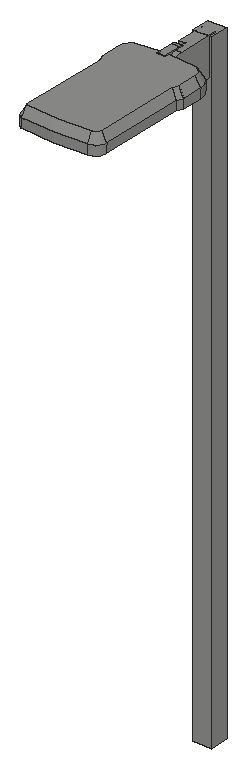
Revit family "VP-3-AAU", category Lighting Fixtures, host Face, Revit 2019
Family settings
  Host = Face
  Round Connector Dimension = Use Diameter
  Part Type = Normal
  OmniClass Number = 23.80.70.11.14.17
  OmniClass Title = Direct/Indirect
  Cut with Voids When Loaded = No
  Light Source = No
  Shared = Yes
  Room Calculation Point = No
Parameters (values of type "VP-3-AAU")
  Wattage Comments = "423W"
  Warranty = "Five year warranty"  # constant formula
  Voltage = 120 V
  URL = "https://www.currentlighting.com/beacon"
  Type Comments = "Lighting Fixture"  # constant formula
  Product Page URL = "https://www.currentlighting.com/outdoor-lighting/viper-area-size-3/9606405"
  Product Documentation Link = "https://cdn.currentlighting.com/site/specsheet/BEA_VIPERSPEC.pdf"
  Power Factor = 0.9
  Pole Height [instance] = 120.00"
  Name = "Viper Area Size 3"  # constant formula
  Model = "VP-3-AAU"
  Matt Grey = MATT GREY
  Matt Black = Matt Black
  Manufacturer = "Current Lighting"  # constant formula
  Load Classification = Lighting
  Light Output = 30846.00 cd/m²
  Lamp = "LED"  # constant formula
  Grey = Grey
  Glass = Glass
  Pole Size [instance] = 3.50"
  Features = "Featuring two different optical technologies, Micro Strike and Strike Optics, which provide the best distribution patterns for retrofit or new construction\r\nVibration rated for high vibration applications including bridges and overpasses\r\nControl options including photo control, occupancy sensing, NX Lighting Controls, wiSCAPE and 7-Pin with networked controls\r\nMounting options include: Arm, Universal Arm, Adjustable Arm, Mast Arm, Decorative Arm, Knuckle, Trunnion, Wall\r\nDistribution options include: Auto Front Row, Type 2, Type 3, Type 4 Forward, Type 4 Wide, Type 5 Narrow, Type 5 Medium, Type 5 Wide, Type 5 Rectangular, Corner Optic, and Tennis Court\r\n\r\n"  # constant formula
  Copyright = "© 2022 Current Lighting"  # constant formula
  Cool Grey = Cool Grey
  Contact Us = "https://www.currentlighting.com/contact-us"
  Certification = "UL"  # constant formula
  Description = "The Viper is an extremely versatile area/site luminaire which blends design, performance, and technology for a variety of applications."  # constant formula
  Default Elevation = 48.00"
  Finish = Arctic White
  Matt White = Matt White
  CRI = "70"  # constant formula
  Brand = "Beacon"  # constant formula
  Assembly Code = "D5020200"
  Apparent Load = 423 VA
Reference planes (in)
  plane 1 "Center (Front/Back)": y = 6.16697
  plane 2: z = 0
  plane 3 "Center (Left/Right)": x = 0
  plane 4: z = 3.75
  plane 5: z = -4.44
  plane 6: x = -1.75
  plane 7: x = 1.75
  plane 8: y = 4.41697
  plane 9: y = 7.91697
  plane 10: z = 120
Forms (in)
  Extrusion 1, solid, material "Cool Grey" <- "Cool Grey"
    sketch origin (0, 0, 0) x (1, 0, 0) y (0, 1, 0)
      loop
        line (-1.75, 7.91697) -> (-1.75, 4.41697) -> (1.75, 4.41697) -> (1.75, 7.91697) -> (-1.75, 7.91697)
    from 0 to 120
Lines and regions (in)
  reference lines
    curve 1: line (0, 14.42606, -3.25) -> (0, 17.42606, -0.25)
    curve 2: line (0, -2.09213, -3.25) -> (0, 14.42606, -3.25)
    curve 3: line (0, -5.09213, -0.25) -> (0, -2.09213, -3.25)
    curve 4: line (0, 14.42606, -3.25) -> (0, 17.42606, -0.25)
    curve 5: line (0, -5.09213, -0.25) -> (0, 17.42606, -0.25)
    curve 6: line (0, 17.17606, -0.77432) -> (0, 17.92606, -0.77432)
    curve 7: line (0, 17.17606, -1.52432) -> (0, 17.17606, -0.77432)
    curve 8: line (0, 16.69614, -1.52432) -> (0, 17.17606, -1.52432)
    curve 9: line (0, 14.92606, -4.25) -> (0, 16.69614, -1.52432)
    curve 10: line (0, -4.3622, -1.52432) -> (0, -2.59213, -4.25)
    curve 11: line (0, -4.84213, -1.52432) -> (0, -4.3622, -1.52432)
    curve 12: line (0, -4.84213, -0.77432) -> (0, -4.84213, -1.52432)
    curve 13: line (0, -5.59213, -0.77432) -> (0, -4.84213, -0.77432)
Dimensions and locks (in)
  plane 4 to plane 2 = 3.75"
  "Pole Size": plane 8 to plane 9
  equal spacing: plane 8, plane 1 "Center (Front/Back)", plane 9
  equal spacing: plane 6, plane 3 "Center (Left/Right)", plane 7
  "Pole Size": plane 6 to plane 7
  "Pole Height": plane 10 to plane 2
  aligned and locked: plane 2 to host face
  aligned and locked: level to host face
  aligned and locked: plane 10 to Extrusion 1
  aligned and locked: plane 3 "Center (Left/Right)" to nested 1
  aligned and locked: plane 9 to Extrusion 1 sketch curve
  aligned and locked: plane 6 to Extrusion 1 sketch curve
  aligned and locked: Extrusion 1 sketch curve to plane 8
  aligned and locked: Extrusion 1 sketch curve to plane 7
Automatic sketch dimensions
  host sketch curve to host sketch curve = 96.00"
  host sketch curve to host sketch curve = 85.00"
  curve 3 to level = 0.25"
  plane 8 to curve 3 = 9.50909"
  curve 3 to curve 12 = 0.25"
  curve 11 to curve 11 = 0.47992"
  curve 2 to plane 5 = 1.19"
  curve 10 to curve 2 = 2.27008"
  curve 1 to plane 9 = 6.50909"
  curve 9 to level = 1.52432"
  curve 1 to curve 9 = 2.27008"
  curve 8 to curve 8 = 0.47992"
  curve 6 to curve 4 = 0.25"
  curve 10 to curve 3 = 1.27432"
  curve 7 to curve 1 = 0.52432"
  curve 12 to curve 3 = 0.52432"
  curve 13 to curve 3 = 0.50"
  curve 10 to plane 5 = 0.19"
  curve 10 to curve 2 = 0.50"
  curve 9 to plane 5 = 0.19"
  curve 1 to curve 9 = 0.50"
  curve 1 to curve 6 = 0.50"
Nested families (in)
  nested 1: "SIZE3-AAU" at (0, 4.41697, 118.26) x (1, 0, 0) z (0, -1, 0), type "SIZE3-AAU"
Connectors (in)
  electrical at (0, 6.16697, 0), driven by "Power Factor", driven by "Apparent Load", driven by "Voltage"
    settings: on Extrusion 1, index 1, voltage 120 V, apparent load 423 VA, apparent load phase1 0 VA, apparent load phase2 0 VA, apparent load phase3 0 VA, power factor 0.9, load classification "Other", number of poles 1, system type 30, power factor state 1, is connector primary yes, connector utility no, sub classification motor no, connector description "Light Fixture"
Definition of nested family "SIZE3-AAU"
  Parameters (values of type "SIZE3-AAU")
    Width = 16.11"
    Wattage = 423.2 W
    built-in parameter 1150110 = 1 (stored number, unit not read)
    built-in parameter 1114217 = 1 (stored number, unit not read)
    Tilt Angle = 160.00°
    built-in parameter 1150109 = 1 (stored number, unit not read)
    built-in parameter 1150134 = 3
    built-in parameter 1150113 = 1 (stored number, unit not read)
    Photometric Web File = "VP-3-480L-425-3K7-4W-BC.ies"
    Mount Length = 7.50"
    built-in parameter 1150105 = 2458.4 (stored number, unit not read)
    Lumens = 30893.6 lm
    built-in parameter 1150115 = 1 (stored number, unit not read)
    built-in parameter 1150137 = (empty or 0)
    built-in parameter 1150139 = (empty or 0)
    Length = 26.97"
    built-in parameter 1150112 = 1 (stored number, unit not read)
    built-in parameter 1150114 = 1 (stored number, unit not read)
    built-in parameter 1150132 = (empty or 0)
    built-in parameter 1150102 = (empty or 0)
    built-in parameter 1150107 = 3200 (stored number, unit not read)
    built-in parameter 1150138 = (empty or 0)
    built-in parameter 1150106 = 24.584 (stored number, unit not read)
    Glass = none
    Fixture = none
    built-in parameter 1150104 = 6.7819 (stored number, unit not read)
    Dimming Lamp Color Temperature Shift = (empty or 0)
    Default Elevation = 48.00"
    Color Filter = 16777215
    built-in parameter 1114218 = 1 (stored number, unit not read)
    built-in parameter 1150133 = 10 (stored number, unit not read)
  Reference planes (in)
    plane 1 "Center (Front/Back)": y = 0
    plane 2: z = 0
    plane 3 "Center (Left/Right)": x = 0
    plane 4: x = 8.055
    plane 5: x = -8.055
    plane 6: z = 7.5
    plane 7: z = 34.47
    plane 8: y = -1.74
    plane 9: y = 1.74
  Forms (in)
    Extrusion 1, solid
      sketch origin (0, 0, 0) x (1, 0, 0) y (0, 1, 0)
        loop
          line (-48, 48) -> (-48, -48) -> (48, -48) -> (48, 48) -> (-48, 48)
      from 0 to -12
    Extrusion 2, solid, material <- "Fixture"
      sketch origin (0, 0, 0) x (1, 0, 0) y (0, 0, 1)
        loop
          line (-7.77472, 15.72202) -> (-8.18, 14.67799) -> (-8.18, 10.64521)
          arc (-8.18, 10.64521) -> (-7.52407, 8.68733) -> (-5.82104, 7.51974) r 3.25
          arc (-5.82104, 7.51974) -> (0, 7.02866) -> (5.82104, 7.51974) r 34.74571
          arc (5.82104, 7.51974) -> (7.52407, 8.68733) -> (8.18, 10.64521) r 3.25
          line (8.18, 10.64521) -> (8.18, 14.67799) -> (7.7425, 15.80502) -> (7.7425, 32.05879)
          arc (7.7425, 32.05879) -> (7.16964, 33.45997) -> (5.77922, 34.05846) r 2
          arc (5.77922, 34.05846) -> (-0.48981, 34.44343) -> (-6.75192, 33.95884) r 45.36519
          arc (-6.75192, 33.95884) -> (-7.48558, 33.52919) -> (-7.77472, 32.72966) r 1.25
          line (-7.77472, 32.72966) -> (-7.77472, 15.72202)
      from 0 to 1.74
    Extrusion 3, void
      sketch origin (0, 0, 0) x (1, 0, 0) y (0, 0, 1)
        loop
          arc (-6.77608, 15.13973) -> (0.07705, 15.56709) -> (6.93, 15.13674) r 54.96889
          line (6.93, 15.13674) -> (6.93, 32.15182) -> (-6.77608, 32.15182) -> (-6.77608, 15.13973)
      from 1 to 1.75
    Extrusion 4, solid, material <- "Glass"
      sketch origin (0, 0, 0) x (1, 0, 0) y (0, 0, 1)
        loop
          arc (-5.55487, 32.15182) -> (-5.80236, 32.04931) -> (-5.90487, 31.80182) r 0.35
          line (-5.90487, 31.80182) -> (-5.90487, 27.00182)
          arc (-5.90487, 27.00182) -> (-5.80236, 26.75434) -> (-5.55487, 26.65182) r 0.35
          line (-5.55487, 26.65182) -> (5.55487, 26.65182)
          arc (5.55487, 26.65182) -> (5.80236, 26.75434) -> (5.90487, 27.00182) r 0.35
          line (5.90487, 27.00182) -> (5.90487, 31.80182)
          arc (5.90487, 31.80182) -> (5.80236, 32.04931) -> (5.55487, 32.15182) r 0.35
          line (5.55487, 32.15182) -> (-5.55487, 32.15182)
      from 1 to 1.35
    Extrusion 5, solid, material <- "Glass"
      sketch origin (0.75, 0, 0.125) x (1, 0, 0) y (0, 0, 1)
        loop
          circle (-5.72329, 31.32694) r 0.15
        loop
          circle (-5.20455, 31.32694) r 0.15
        loop
          circle (-4.6858, 31.32694) r 0.15
        loop
          circle (-4.16705, 31.32694) r 0.15
        loop
          circle (-3.6483, 31.32694) r 0.15
        loop
          circle (-3.12955, 31.32694) r 0.15
        loop
          circle (-2.6108, 31.32694) r 0.15
        loop
          circle (-2.09205, 31.32694) r 0.15
        loop
          circle (-1.57331, 31.32694) r 0.15
        loop
          circle (-5.72329, 30.82694) r 0.15
        loop
          circle (-5.20455, 30.82694) r 0.15
        loop
          circle (-4.6858, 30.82694) r 0.15
        loop
          circle (-4.16705, 30.82694) r 0.15
        loop
          circle (-3.6483, 30.82694) r 0.15
        loop
          circle (-3.12955, 30.82694) r 0.15
        loop
          circle (-2.6108, 30.82694) r 0.15
        loop
          circle (-2.09205, 30.82694) r 0.15
        loop
          circle (-1.57331, 30.82694) r 0.15
        loop
          circle (-5.72329, 30.32694) r 0.15
        loop
          circle (-5.20455, 30.32694) r 0.15
        loop
          circle (-4.6858, 30.32694) r 0.15
        loop
          circle (-4.16705, 30.32694) r 0.15
        loop
          circle (-3.6483, 30.32694) r 0.15
        loop
          circle (-3.12955, 30.32694) r 0.15
        loop
          circle (-2.6108, 30.32694) r 0.15
        loop
          circle (-2.09205, 30.32694) r 0.15
        loop
          circle (-1.57331, 30.32694) r 0.15
        loop
          circle (-5.72329, 29.82694) r 0.15
        loop
          circle (-5.20455, 29.82694) r 0.15
        loop
          circle (-4.6858, 29.82694) r 0.15
        loop
          circle (-4.16705, 29.82694) r 0.15
        loop
          circle (-3.6483, 29.82694) r 0.15
        loop
          circle (-3.12955, 29.82694) r 0.15
        loop
          circle (-2.6108, 29.82694) r 0.15
        loop
          circle (-2.09205, 29.82694) r 0.15
        loop
          circle (-1.57331, 29.82694) r 0.15
        loop
          circle (-5.72329, 29.32694) r 0.15
        loop
          circle (-5.20455, 29.32694) r 0.15
        loop
          circle (-4.6858, 29.32694) r 0.15
        loop
          circle (-4.16705, 29.32694) r 0.15
        loop
          circle (-3.6483, 29.32694) r 0.15
        loop
          circle (-3.12955, 29.32694) r 0.15
        loop
          circle (-2.6108, 29.32694) r 0.15
        loop
          circle (-2.09205, 29.32694) r 0.15
        loop
          circle (-1.57331, 29.32694) r 0.15
        loop
          circle (-5.72329, 28.82694) r 0.15
        loop
          circle (-5.20455, 28.82694) r 0.15
        loop
          circle (-4.6858, 28.82694) r 0.15
        loop
          circle (-4.16705, 28.82694) r 0.15
        loop
          circle (-3.6483, 28.82694) r 0.15
        loop
          circle (-3.12955, 28.82694) r 0.15
        loop
          circle (-2.6108, 28.82694) r 0.15
        loop
          circle (-2.09205, 28.82694) r 0.15
        loop
          circle (-1.57331, 28.82694) r 0.15
        loop
          circle (-5.72329, 28.32694) r 0.15
        loop
          circle (-5.20455, 28.32694) r 0.15
        loop
          circle (-4.6858, 28.32694) r 0.15
        loop
          circle (-4.16705, 28.32694) r 0.15
        loop
          circle (-3.6483, 28.32694) r 0.15
        loop
          circle (-3.12955, 28.32694) r 0.15
        loop
          circle (-2.6108, 28.32694) r 0.15
        loop
          circle (-2.09205, 28.32694) r 0.15
        loop
          circle (-1.57331, 28.32694) r 0.15
        loop
          circle (-5.72329, 27.82694) r 0.15
        loop
          circle (-5.20455, 27.82694) r 0.15
        loop
          circle (-4.6858, 27.82694) r 0.15
        loop
          circle (-4.16705, 27.82694) r 0.15
        loop
          circle (-3.6483, 27.82694) r 0.15
        loop
          circle (-3.12955, 27.82694) r 0.15
        loop
          circle (-2.6108, 27.82694) r 0.15
        loop
          circle (-2.09205, 27.82694) r 0.15
        loop
          circle (-1.57331, 27.82694) r 0.15
        loop
          circle (-5.72329, 27.32694) r 0.15
        loop
          circle (-5.20455, 27.32694) r 0.15
        loop
          circle (-4.6858, 27.32694) r 0.15
        loop
          circle (-4.16705, 27.32694) r 0.15
        loop
          circle (-3.6483, 27.32694) r 0.15
        loop
          circle (-3.12955, 27.32694) r 0.15
        loop
          circle (-2.6108, 27.32694) r 0.15
        loop
          circle (-2.09205, 27.32694) r 0.15
        loop
          circle (-1.57331, 27.32694) r 0.15
      from 1.35 to 1.4
    Extrusion 6, solid, material <- "Glass"
      sketch origin (0, 0, 0.125) x (1, 0, 0) y (0, 0, 1)
        loop
          arc (-5.41155, 31.8309) -> (-5.58833, 31.75768) -> (-5.66155, 31.5809) r 0.25
          line (-5.66155, 31.5809) -> (-5.66155, 27.0809)
          arc (-5.66155, 27.0809) -> (-5.58833, 26.90412) -> (-5.41155, 26.8309) r 0.25
          line (-5.41155, 26.8309) -> (-0.54655, 26.8309)
          arc (-0.54655, 26.8309) -> (-0.36977, 26.90412) -> (-0.29655, 27.0809) r 0.25
          line (-0.29655, 27.0809) -> (-0.29655, 31.5809)
          arc (-0.29655, 31.5809) -> (-0.36977, 31.75768) -> (-0.54655, 31.8309) r 0.25
          line (-0.54655, 31.8309) -> (-5.41155, 31.8309)
      from 1.35 to 1.37213
    Extrusion 7, solid, material <- "Fixture"
      sketch origin (0.125, 0, 12.5) x (1, 0, 0) y (0, 1, 0)
        loop
          line (5.93193, -1) -> (5.93193, -1.20146)
          arc (5.93193, -1.20146) -> (5.93867, -1.23973) -> (5.95811, -1.27339) r 0.1119
          line (5.95811, -1.27339) -> (6.31867, -1.70309)
          arc (6.31867, -1.70309) -> (6.34664, -1.72455) -> (6.38107, -1.73219) r 0.08147
          line (6.38107, -1.73219) -> (6.805, -1.73219) -> (6.805, -1) -> (5.93193, -1)
      from 18.55 to 18.65
    Extrusion 8, solid, material <- "Glass"
      sketch origin (-0.75, 0, 0.125) x (-1, 0, 0) y (0, 0, -1)
        loop
          circle (-5.72329, -31.32694) r 0.15
        loop
          circle (-5.20455, -31.32694) r 0.15
        loop
          circle (-4.6858, -31.32694) r 0.15
        loop
          circle (-4.16705, -31.32694) r 0.15
        loop
          circle (-3.6483, -31.32694) r 0.15
        loop
          circle (-3.12955, -31.32694) r 0.15
        loop
          circle (-2.6108, -31.32694) r 0.15
        loop
          circle (-2.09205, -31.32694) r 0.15
        loop
          circle (-1.57331, -31.32694) r 0.15
        loop
          circle (-5.72329, -30.82694) r 0.15
        loop
          circle (-5.20455, -30.82694) r 0.15
        loop
          circle (-4.6858, -30.82694) r 0.15
        loop
          circle (-4.16705, -30.82694) r 0.15
        loop
          circle (-3.6483, -30.82694) r 0.15
        loop
          circle (-3.12955, -30.82694) r 0.15
        loop
          circle (-2.6108, -30.82694) r 0.15
        loop
          circle (-2.09205, -30.82694) r 0.15
        loop
          circle (-1.57331, -30.82694) r 0.15
        loop
          circle (-5.72329, -30.32694) r 0.15
        loop
          circle (-5.20455, -30.32694) r 0.15
        loop
          circle (-4.6858, -30.32694) r 0.15
        loop
          circle (-4.16705, -30.32694) r 0.15
        loop
          circle (-3.6483, -30.32694) r 0.15
        loop
          circle (-3.12955, -30.32694) r 0.15
        loop
          circle (-2.6108, -30.32694) r 0.15
        loop
          circle (-2.09205, -30.32694) r 0.15
        loop
          circle (-1.57331, -30.32694) r 0.15
        loop
          circle (-5.72329, -29.82694) r 0.15
        loop
          circle (-5.20455, -29.82694) r 0.15
        loop
          circle (-4.6858, -29.82694) r 0.15
        loop
          circle (-4.16705, -29.82694) r 0.15
        loop
          circle (-3.6483, -29.82694) r 0.15
        loop
          circle (-3.12955, -29.82694) r 0.15
        loop
          circle (-2.6108, -29.82694) r 0.15
        loop
          circle (-2.09205, -29.82694) r 0.15
        loop
          circle (-1.57331, -29.82694) r 0.15
        loop
          circle (-5.72329, -29.32694) r 0.15
        loop
          circle (-5.20455, -29.32694) r 0.15
        loop
          circle (-4.6858, -29.32694) r 0.15
        loop
          circle (-4.16705, -29.32694) r 0.15
        loop
          circle (-3.6483, -29.32694) r 0.15
        loop
          circle (-3.12955, -29.32694) r 0.15
        loop
          circle (-2.6108, -29.32694) r 0.15
        loop
          circle (-2.09205, -29.32694) r 0.15
        loop
          circle (-1.57331, -29.32694) r 0.15
        loop
          circle (-5.72329, -28.82694) r 0.15
        loop
          circle (-5.20455, -28.82694) r 0.15
        loop
          circle (-4.6858, -28.82694) r 0.15
        loop
          circle (-4.16705, -28.82694) r 0.15
        loop
          circle (-3.6483, -28.82694) r 0.15
        loop
          circle (-3.12955, -28.82694) r 0.15
        loop
          circle (-2.6108, -28.82694) r 0.15
        loop
          circle (-2.09205, -28.82694) r 0.15
        loop
          circle (-1.57331, -28.82694) r 0.15
        loop
          circle (-5.72329, -28.32694) r 0.15
        loop
          circle (-5.20455, -28.32694) r 0.15
        loop
          circle (-4.6858, -28.32694) r 0.15
        loop
          circle (-4.16705, -28.32694) r 0.15
        loop
          circle (-3.6483, -28.32694) r 0.15
        loop
          circle (-3.12955, -28.32694) r 0.15
        loop
          circle (-2.6108, -28.32694) r 0.15
        loop
          circle (-2.09205, -28.32694) r 0.15
        loop
          circle (-1.57331, -28.32694) r 0.15
        loop
          circle (-5.72329, -27.82694) r 0.15
        loop
          circle (-5.20455, -27.82694) r 0.15
        loop
          circle (-4.6858, -27.82694) r 0.15
        loop
          circle (-4.16705, -27.82694) r 0.15
        loop
          circle (-3.6483, -27.82694) r 0.15
        loop
          circle (-3.12955, -27.82694) r 0.15
        loop
          circle (-2.6108, -27.82694) r 0.15
        loop
          circle (-2.09205, -27.82694) r 0.15
        loop
          circle (-1.57331, -27.82694) r 0.15
        loop
          circle (-5.72329, -27.32694) r 0.15
        loop
          circle (-5.20455, -27.32694) r 0.15
        loop
          circle (-4.6858, -27.32694) r 0.15
        loop
          circle (-4.16705, -27.32694) r 0.15
        loop
          circle (-3.6483, -27.32694) r 0.15
        loop
          circle (-3.12955, -27.32694) r 0.15
        loop
          circle (-2.6108, -27.32694) r 0.15
        loop
          circle (-2.09205, -27.32694) r 0.15
        loop
          circle (-1.57331, -27.32694) r 0.15
      from 1.35 to 1.4
    Extrusion 9, solid, material <- "Glass"
      sketch origin (0, 0, 0.125) x (-1, 0, 0) y (0, 0, -1)
        loop
          line (-5.41155, -31.8309) -> (-0.54655, -31.8309)
          arc (-0.54655, -31.8309) -> (-0.36977, -31.75768) -> (-0.29655, -31.5809) r 0.25
          line (-0.29655, -31.5809) -> (-0.29655, -27.0809)
          arc (-0.29655, -27.0809) -> (-0.36977, -26.90412) -> (-0.54655, -26.8309) r 0.25
          line (-0.54655, -26.8309) -> (-5.41155, -26.8309)
          arc (-5.41155, -26.8309) -> (-5.58833, -26.90412) -> (-5.66155, -27.0809) r 0.25
          line (-5.66155, -27.0809) -> (-5.66155, -31.5809)
          arc (-5.66155, -31.5809) -> (-5.58833, -31.75768) -> (-5.41155, -31.8309) r 0.25
      from 1.35 to 1.37213
    Extrusion 10, solid, material <- "Glass"
      sketch origin (0, 0, -5.25) x (1, 0, 0) y (0, 0, 1)
        loop
          arc (-5.55487, 31.90182) -> (-5.80236, 31.79931) -> (-5.90487, 31.55182) r 0.35
          line (-5.90487, 31.55182) -> (-5.90487, 26.75182)
          arc (-5.90487, 26.75182) -> (-5.80236, 26.50434) -> (-5.55487, 26.40182) r 0.35
          line (-5.55487, 26.40182) -> (5.55487, 26.40182)
          arc (5.55487, 26.40182) -> (5.80236, 26.50434) -> (5.90487, 26.75182) r 0.35
          line (5.90487, 26.75182) -> (5.90487, 31.55182)
          arc (5.90487, 31.55182) -> (5.80236, 31.79931) -> (5.55487, 31.90182) r 0.35
          line (5.55487, 31.90182) -> (-5.55487, 31.90182)
      from 1 to 1.35
    Extrusion 11, solid, material <- "Glass"
      sketch origin (0.75, 0, -5.375) x (1, 0, 0) y (0, 0, 1)
        loop
          circle (-5.72329, 31.32694) r 0.15
        loop
          circle (-5.20455, 31.32694) r 0.15
        loop
          circle (-4.6858, 31.32694) r 0.15
        loop
          circle (-4.16705, 31.32694) r 0.15
        loop
          circle (-3.6483, 31.32694) r 0.15
        loop
          circle (-3.12955, 31.32694) r 0.15
        loop
          circle (-2.6108, 31.32694) r 0.15
        loop
          circle (-2.09205, 31.32694) r 0.15
        loop
          circle (-1.57331, 31.32694) r 0.15
        loop
          circle (-5.72329, 30.82694) r 0.15
        loop
          circle (-5.20455, 30.82694) r 0.15
        loop
          circle (-4.6858, 30.82694) r 0.15
        loop
          circle (-4.16705, 30.82694) r 0.15
        loop
          circle (-3.6483, 30.82694) r 0.15
        loop
          circle (-3.12955, 30.82694) r 0.15
        loop
          circle (-2.6108, 30.82694) r 0.15
        loop
          circle (-2.09205, 30.82694) r 0.15
        loop
          circle (-1.57331, 30.82694) r 0.15
        loop
          circle (-5.72329, 30.32694) r 0.15
        loop
          circle (-5.20455, 30.32694) r 0.15
        loop
          circle (-4.6858, 30.32694) r 0.15
        loop
          circle (-4.16705, 30.32694) r 0.15
        loop
          circle (-3.6483, 30.32694) r 0.15
        loop
          circle (-3.12955, 30.32694) r 0.15
        loop
          circle (-2.6108, 30.32694) r 0.15
        loop
          circle (-2.09205, 30.32694) r 0.15
        loop
          circle (-1.57331, 30.32694) r 0.15
        loop
          circle (-5.72329, 29.82694) r 0.15
        loop
          circle (-5.20455, 29.82694) r 0.15
        loop
          circle (-4.6858, 29.82694) r 0.15
        loop
          circle (-4.16705, 29.82694) r 0.15
        loop
          circle (-3.6483, 29.82694) r 0.15
        loop
          circle (-3.12955, 29.82694) r 0.15
        loop
          circle (-2.6108, 29.82694) r 0.15
        loop
          circle (-2.09205, 29.82694) r 0.15
        loop
          circle (-1.57331, 29.82694) r 0.15
        loop
          circle (-5.72329, 29.32694) r 0.15
        loop
          circle (-5.20455, 29.32694) r 0.15
        loop
          circle (-4.6858, 29.32694) r 0.15
        loop
          circle (-4.16705, 29.32694) r 0.15
        loop
          circle (-3.6483, 29.32694) r 0.15
        loop
          circle (-3.12955, 29.32694) r 0.15
        loop
          circle (-2.6108, 29.32694) r 0.15
        loop
          circle (-2.09205, 29.32694) r 0.15
        loop
          circle (-1.57331, 29.32694) r 0.15
        loop
          circle (-5.72329, 28.82694) r 0.15
        loop
          circle (-5.20455, 28.82694) r 0.15
        loop
          circle (-4.6858, 28.82694) r 0.15
        loop
          circle (-4.16705, 28.82694) r 0.15
        loop
          circle (-3.6483, 28.82694) r 0.15
        loop
          circle (-3.12955, 28.82694) r 0.15
        loop
          circle (-2.6108, 28.82694) r 0.15
        loop
          circle (-2.09205, 28.82694) r 0.15
        loop
          circle (-1.57331, 28.82694) r 0.15
        loop
          circle (-5.72329, 28.32694) r 0.15
        loop
          circle (-5.20455, 28.32694) r 0.15
        loop
          circle (-4.6858, 28.32694) r 0.15
        loop
          circle (-4.16705, 28.32694) r 0.15
        loop
          circle (-3.6483, 28.32694) r 0.15
        loop
          circle (-3.12955, 28.32694) r 0.15
        loop
          circle (-2.6108, 28.32694) r 0.15
        loop
          circle (-2.09205, 28.32694) r 0.15
        loop
          circle (-1.57331, 28.32694) r 0.15
        loop
          circle (-5.72329, 27.82694) r 0.15
        loop
          circle (-5.20455, 27.82694) r 0.15
        loop
          circle (-4.6858, 27.82694) r 0.15
        loop
          circle (-4.16705, 27.82694) r 0.15
        loop
          circle (-3.6483, 27.82694) r 0.15
        loop
          circle (-3.12955, 27.82694) r 0.15
        loop
          circle (-2.6108, 27.82694) r 0.15
        loop
          circle (-2.09205, 27.82694) r 0.15
        loop
          circle (-1.57331, 27.82694) r 0.15
        loop
          circle (-5.72329, 27.32694) r 0.15
        loop
          circle (-5.20455, 27.32694) r 0.15
        loop
          circle (-4.6858, 27.32694) r 0.15
        loop
          circle (-4.16705, 27.32694) r 0.15
        loop
          circle (-3.6483, 27.32694) r 0.15
        loop
          circle (-3.12955, 27.32694) r 0.15
        loop
          circle (-2.6108, 27.32694) r 0.15
        loop
          circle (-2.09205, 27.32694) r 0.15
        loop
          circle (-1.57331, 27.32694) r 0.15
      from 1.35 to 1.4
    Extrusion 12, solid, material <- "Glass"
      sketch origin (0, 0, -5.375) x (1, 0, 0) y (0, 0, 1)
        loop
          arc (-5.41155, 31.8309) -> (-5.58833, 31.75768) -> (-5.66155, 31.5809) r 0.25
          line (-5.66155, 31.5809) -> (-5.66155, 27.0809)
          arc (-5.66155, 27.0809) -> (-5.58833, 26.90412) -> (-5.41155, 26.8309) r 0.25
          line (-5.41155, 26.8309) -> (-0.54655, 26.8309)
          arc (-0.54655, 26.8309) -> (-0.36977, 26.90412) -> (-0.29655, 27.0809) r 0.25
          line (-0.29655, 27.0809) -> (-0.29655, 31.5809)
          arc (-0.29655, 31.5809) -> (-0.36977, 31.75768) -> (-0.54655, 31.8309) r 0.25
          line (-0.54655, 31.8309) -> (-5.41155, 31.8309)
      from 1.35 to 1.37213
    Extrusion 13, solid, material <- "Glass"
      sketch origin (-0.75, 0, -5.375) x (-1, 0, 0) y (0, 0, -1)
        loop
          circle (-5.72329, -31.32694) r 0.15
        loop
          circle (-5.20455, -31.32694) r 0.15
        loop
          circle (-4.6858, -31.32694) r 0.15
        loop
          circle (-4.16705, -31.32694) r 0.15
        loop
          circle (-3.6483, -31.32694) r 0.15
        loop
          circle (-3.12955, -31.32694) r 0.15
        loop
          circle (-2.6108, -31.32694) r 0.15
        loop
          circle (-2.09205, -31.32694) r 0.15
        loop
          circle (-1.57331, -31.32694) r 0.15
        loop
          circle (-5.72329, -30.82694) r 0.15
        loop
          circle (-5.20455, -30.82694) r 0.15
        loop
          circle (-4.6858, -30.82694) r 0.15
        loop
          circle (-4.16705, -30.82694) r 0.15
        loop
          circle (-3.6483, -30.82694) r 0.15
        loop
          circle (-3.12955, -30.82694) r 0.15
        loop
          circle (-2.6108, -30.82694) r 0.15
        loop
          circle (-2.09205, -30.82694) r 0.15
        loop
          circle (-1.57331, -30.82694) r 0.15
        loop
          circle (-5.72329, -30.32694) r 0.15
        loop
          circle (-5.20455, -30.32694) r 0.15
        loop
          circle (-4.6858, -30.32694) r 0.15
        loop
          circle (-4.16705, -30.32694) r 0.15
        loop
          circle (-3.6483, -30.32694) r 0.15
        loop
          circle (-3.12955, -30.32694) r 0.15
        loop
          circle (-2.6108, -30.32694) r 0.15
        loop
          circle (-2.09205, -30.32694) r 0.15
        loop
          circle (-1.57331, -30.32694) r 0.15
        loop
          circle (-5.72329, -29.82694) r 0.15
        loop
          circle (-5.20455, -29.82694) r 0.15
        loop
          circle (-4.6858, -29.82694) r 0.15
        loop
          circle (-4.16705, -29.82694) r 0.15
        loop
          circle (-3.6483, -29.82694) r 0.15
        loop
          circle (-3.12955, -29.82694) r 0.15
        loop
          circle (-2.6108, -29.82694) r 0.15
        loop
          circle (-2.09205, -29.82694) r 0.15
        loop
          circle (-1.57331, -29.82694) r 0.15
        loop
          circle (-5.72329, -29.32694) r 0.15
        loop
          circle (-5.20455, -29.32694) r 0.15
        loop
          circle (-4.6858, -29.32694) r 0.15
        loop
          circle (-4.16705, -29.32694) r 0.15
        loop
          circle (-3.6483, -29.32694) r 0.15
        loop
          circle (-3.12955, -29.32694) r 0.15
        loop
          circle (-2.6108, -29.32694) r 0.15
        loop
          circle (-2.09205, -29.32694) r 0.15
        loop
          circle (-1.57331, -29.32694) r 0.15
        loop
          circle (-5.72329, -28.82694) r 0.15
        loop
          circle (-5.20455, -28.82694) r 0.15
        loop
          circle (-4.6858, -28.82694) r 0.15
        loop
          circle (-4.16705, -28.82694) r 0.15
        loop
          circle (-3.6483, -28.82694) r 0.15
        loop
          circle (-3.12955, -28.82694) r 0.15
        loop
          circle (-2.6108, -28.82694) r 0.15
        loop
          circle (-2.09205, -28.82694) r 0.15
        loop
          circle (-1.57331, -28.82694) r 0.15
        loop
          circle (-5.72329, -28.32694) r 0.15
        loop
          circle (-5.20455, -28.32694) r 0.15
        loop
          circle (-4.6858, -28.32694) r 0.15
        loop
          circle (-4.16705, -28.32694) r 0.15
        loop
          circle (-3.6483, -28.32694) r 0.15
        loop
          circle (-3.12955, -28.32694) r 0.15
        loop
          circle (-2.6108, -28.32694) r 0.15
        loop
          circle (-2.09205, -28.32694) r 0.15
        loop
          circle (-1.57331, -28.32694) r 0.15
        loop
          circle (-5.72329, -27.82694) r 0.15
        loop
          circle (-5.20455, -27.82694) r 0.15
        loop
          circle (-4.6858, -27.82694) r 0.15
        loop
          circle (-4.16705, -27.82694) r 0.15
        loop
          circle (-3.6483, -27.82694) r 0.15
        loop
          circle (-3.12955, -27.82694) r 0.15
        loop
          circle (-2.6108, -27.82694) r 0.15
        loop
          circle (-2.09205, -27.82694) r 0.15
        loop
          circle (-1.57331, -27.82694) r 0.15
        loop
          circle (-5.72329, -27.32694) r 0.15
        loop
          circle (-5.20455, -27.32694) r 0.15
        loop
          circle (-4.6858, -27.32694) r 0.15
        loop
          circle (-4.16705, -27.32694) r 0.15
        loop
          circle (-3.6483, -27.32694) r 0.15
        loop
          circle (-3.12955, -27.32694) r 0.15
        loop
          circle (-2.6108, -27.32694) r 0.15
        loop
          circle (-2.09205, -27.32694) r 0.15
        loop
          circle (-1.57331, -27.32694) r 0.15
      from 1.35 to 1.4
    Extrusion 14, solid, material <- "Glass"
      sketch origin (0, 0, -5.375) x (-1, 0, 0) y (0, 0, -1)
        loop
          line (-5.41155, -31.8309) -> (-0.54655, -31.8309)
          arc (-0.54655, -31.8309) -> (-0.36977, -31.75768) -> (-0.29655, -31.5809) r 0.25
          line (-0.29655, -31.5809) -> (-0.29655, -27.0809)
          arc (-0.29655, -27.0809) -> (-0.36977, -26.90412) -> (-0.54655, -26.8309) r 0.25
          line (-0.54655, -26.8309) -> (-5.41155, -26.8309)
          arc (-5.41155, -26.8309) -> (-5.58833, -26.90412) -> (-5.66155, -27.0809) r 0.25
          line (-5.66155, -27.0809) -> (-5.66155, -31.5809)
          arc (-5.66155, -31.5809) -> (-5.58833, -31.75768) -> (-5.41155, -31.8309) r 0.25
      from 1.35 to 1.37213
    Extrusion 15, solid, material <- "Glass"
      sketch origin (0, 0, 47.80365) x (1, 0, 0) y (0, 0, 1)
        loop
          line (-5.55487, -32.15182) -> (5.55487, -32.15182)
          arc (5.55487, -32.15182) -> (5.80236, -32.04931) -> (5.90487, -31.80182) r 0.35
          line (5.90487, -31.80182) -> (5.90487, -27.00182)
          arc (5.90487, -27.00182) -> (5.80236, -26.75434) -> (5.55487, -26.65182) r 0.35
          line (5.55487, -26.65182) -> (-5.55487, -26.65182)
          arc (-5.55487, -26.65182) -> (-5.80236, -26.75434) -> (-5.90487, -27.00182) r 0.35
          line (-5.90487, -27.00182) -> (-5.90487, -31.80182)
          arc (-5.90487, -31.80182) -> (-5.80236, -32.04931) -> (-5.55487, -32.15182) r 0.35
      from 1 to 1.35
    Extrusion 16, solid, material <- "Glass"
      sketch origin (0.75, 0, 47.67865) x (1, 0, 0) y (0, 0, 1)
        loop
          circle (-5.72329, -31.32694) r 0.15
        loop
          circle (-5.20455, -31.32694) r 0.15
        loop
          circle (-4.6858, -31.32694) r 0.15
        loop
          circle (-4.16705, -31.32694) r 0.15
        loop
          circle (-3.6483, -31.32694) r 0.15
        loop
          circle (-3.12955, -31.32694) r 0.15
        loop
          circle (-2.6108, -31.32694) r 0.15
        loop
          circle (-2.09205, -31.32694) r 0.15
        loop
          circle (-1.57331, -31.32694) r 0.15
        loop
          circle (-5.72329, -30.82694) r 0.15
        loop
          circle (-5.20455, -30.82694) r 0.15
        loop
          circle (-4.6858, -30.82694) r 0.15
        loop
          circle (-4.16705, -30.82694) r 0.15
        loop
          circle (-3.6483, -30.82694) r 0.15
        loop
          circle (-3.12955, -30.82694) r 0.15
        loop
          circle (-2.6108, -30.82694) r 0.15
        loop
          circle (-2.09205, -30.82694) r 0.15
        loop
          circle (-1.57331, -30.82694) r 0.15
        loop
          circle (-5.72329, -30.32694) r 0.15
        loop
          circle (-5.20455, -30.32694) r 0.15
        loop
          circle (-4.6858, -30.32694) r 0.15
        loop
          circle (-4.16705, -30.32694) r 0.15
        loop
          circle (-3.6483, -30.32694) r 0.15
        loop
          circle (-3.12955, -30.32694) r 0.15
        loop
          circle (-2.6108, -30.32694) r 0.15
        loop
          circle (-2.09205, -30.32694) r 0.15
        loop
          circle (-1.57331, -30.32694) r 0.15
        loop
          circle (-5.72329, -29.82694) r 0.15
        loop
          circle (-5.20455, -29.82694) r 0.15
        loop
          circle (-4.6858, -29.82694) r 0.15
        loop
          circle (-4.16705, -29.82694) r 0.15
        loop
          circle (-3.6483, -29.82694) r 0.15
        loop
          circle (-3.12955, -29.82694) r 0.15
        loop
          circle (-2.6108, -29.82694) r 0.15
        loop
          circle (-2.09205, -29.82694) r 0.15
        loop
          circle (-1.57331, -29.82694) r 0.15
        loop
          circle (-5.72329, -29.32694) r 0.15
        loop
          circle (-5.20455, -29.32694) r 0.15
        loop
          circle (-4.6858, -29.32694) r 0.15
        loop
          circle (-4.16705, -29.32694) r 0.15
        loop
          circle (-3.6483, -29.32694) r 0.15
        loop
          circle (-3.12955, -29.32694) r 0.15
        loop
          circle (-2.6108, -29.32694) r 0.15
        loop
          circle (-2.09205, -29.32694) r 0.15
        loop
          circle (-1.57331, -29.32694) r 0.15
        loop
          circle (-5.72329, -28.82694) r 0.15
        loop
          circle (-5.20455, -28.82694) r 0.15
        loop
          circle (-4.6858, -28.82694) r 0.15
        loop
          circle (-4.16705, -28.82694) r 0.15
        loop
          circle (-3.6483, -28.82694) r 0.15
        loop
          circle (-3.12955, -28.82694) r 0.15
        loop
          circle (-2.6108, -28.82694) r 0.15
        loop
          circle (-2.09205, -28.82694) r 0.15
        loop
          circle (-1.57331, -28.82694) r 0.15
        loop
          circle (-5.72329, -28.32694) r 0.15
        loop
          circle (-5.20455, -28.32694) r 0.15
        loop
          circle (-4.6858, -28.32694) r 0.15
        loop
          circle (-4.16705, -28.32694) r 0.15
        loop
          circle (-3.6483, -28.32694) r 0.15
        loop
          circle (-3.12955, -28.32694) r 0.15
        loop
          circle (-2.6108, -28.32694) r 0.15
        loop
          circle (-2.09205, -28.32694) r 0.15
        loop
          circle (-1.57331, -28.32694) r 0.15
        loop
          circle (-5.72329, -27.82694) r 0.15
        loop
          circle (-5.20455, -27.82694) r 0.15
        loop
          circle (-4.6858, -27.82694) r 0.15
        loop
          circle (-4.16705, -27.82694) r 0.15
        loop
          circle (-3.6483, -27.82694) r 0.15
        loop
          circle (-3.12955, -27.82694) r 0.15
        loop
          circle (-2.6108, -27.82694) r 0.15
        loop
          circle (-2.09205, -27.82694) r 0.15
        loop
          circle (-1.57331, -27.82694) r 0.15
        loop
          circle (-5.72329, -27.32694) r 0.15
        loop
          circle (-5.20455, -27.32694) r 0.15
        loop
          circle (-4.6858, -27.32694) r 0.15
        loop
          circle (-4.16705, -27.32694) r 0.15
        loop
          circle (-3.6483, -27.32694) r 0.15
        loop
          circle (-3.12955, -27.32694) r 0.15
        loop
          circle (-2.6108, -27.32694) r 0.15
        loop
          circle (-2.09205, -27.32694) r 0.15
        loop
          circle (-1.57331, -27.32694) r 0.15
      from 1.35 to 1.4
    Extrusion 17, solid, material <- "Glass"
      sketch origin (0, 0, 47.67865) x (1, 0, 0) y (0, 0, 1)
        loop
          line (-5.41155, -31.8309) -> (-0.54655, -31.8309)
          arc (-0.54655, -31.8309) -> (-0.36977, -31.75768) -> (-0.29655, -31.5809) r 0.25
          line (-0.29655, -31.5809) -> (-0.29655, -27.0809)
          arc (-0.29655, -27.0809) -> (-0.36977, -26.90412) -> (-0.54655, -26.8309) r 0.25
          line (-0.54655, -26.8309) -> (-5.41155, -26.8309)
          arc (-5.41155, -26.8309) -> (-5.58833, -26.90412) -> (-5.66155, -27.0809) r 0.25
          line (-5.66155, -27.0809) -> (-5.66155, -31.5809)
          arc (-5.66155, -31.5809) -> (-5.58833, -31.75768) -> (-5.41155, -31.8309) r 0.25
      from 1.35 to 1.37213
    Extrusion 18, solid, material <- "Glass"
      sketch origin (-0.75, 0, 47.67865) x (-1, 0, 0) y (0, 0, -1)
        loop
          circle (-5.72329, 31.32694) r 0.15
        loop
          circle (-5.20455, 31.32694) r 0.15
        loop
          circle (-4.6858, 31.32694) r 0.15
        loop
          circle (-4.16705, 31.32694) r 0.15
        loop
          circle (-3.6483, 31.32694) r 0.15
        loop
          circle (-3.12955, 31.32694) r 0.15
        loop
          circle (-2.6108, 31.32694) r 0.15
        loop
          circle (-2.09205, 31.32694) r 0.15
        loop
          circle (-1.57331, 31.32694) r 0.15
        loop
          circle (-5.72329, 30.82694) r 0.15
        loop
          circle (-5.20455, 30.82694) r 0.15
        loop
          circle (-4.6858, 30.82694) r 0.15
        loop
          circle (-4.16705, 30.82694) r 0.15
        loop
          circle (-3.6483, 30.82694) r 0.15
        loop
          circle (-3.12955, 30.82694) r 0.15
        loop
          circle (-2.6108, 30.82694) r 0.15
        loop
          circle (-2.09205, 30.82694) r 0.15
        loop
          circle (-1.57331, 30.82694) r 0.15
        loop
          circle (-5.72329, 30.32694) r 0.15
        loop
          circle (-5.20455, 30.32694) r 0.15
        loop
          circle (-4.6858, 30.32694) r 0.15
        loop
          circle (-4.16705, 30.32694) r 0.15
        loop
          circle (-3.6483, 30.32694) r 0.15
        loop
          circle (-3.12955, 30.32694) r 0.15
        loop
          circle (-2.6108, 30.32694) r 0.15
        loop
          circle (-2.09205, 30.32694) r 0.15
        loop
          circle (-1.57331, 30.32694) r 0.15
        loop
          circle (-5.72329, 29.82694) r 0.15
        loop
          circle (-5.20455, 29.82694) r 0.15
        loop
          circle (-4.6858, 29.82694) r 0.15
        loop
          circle (-4.16705, 29.82694) r 0.15
        loop
          circle (-3.6483, 29.82694) r 0.15
        loop
          circle (-3.12955, 29.82694) r 0.15
        loop
          circle (-2.6108, 29.82694) r 0.15
        loop
          circle (-2.09205, 29.82694) r 0.15
        loop
          circle (-1.57331, 29.82694) r 0.15
        loop
          circle (-5.72329, 29.32694) r 0.15
        loop
          circle (-5.20455, 29.32694) r 0.15
        loop
          circle (-4.6858, 29.32694) r 0.15
        loop
          circle (-4.16705, 29.32694) r 0.15
        loop
          circle (-3.6483, 29.32694) r 0.15
        loop
          circle (-3.12955, 29.32694) r 0.15
        loop
          circle (-2.6108, 29.32694) r 0.15
        loop
          circle (-2.09205, 29.32694) r 0.15
        loop
          circle (-1.57331, 29.32694) r 0.15
        loop
          circle (-5.72329, 28.82694) r 0.15
        loop
          circle (-5.20455, 28.82694) r 0.15
        loop
          circle (-4.6858, 28.82694) r 0.15
        loop
          circle (-4.16705, 28.82694) r 0.15
        loop
          circle (-3.6483, 28.82694) r 0.15
        loop
          circle (-3.12955, 28.82694) r 0.15
        loop
          circle (-2.6108, 28.82694) r 0.15
        loop
          circle (-2.09205, 28.82694) r 0.15
        loop
          circle (-1.57331, 28.82694) r 0.15
        loop
          circle (-5.72329, 28.32694) r 0.15
        loop
          circle (-5.20455, 28.32694) r 0.15
        loop
          circle (-4.6858, 28.32694) r 0.15
        loop
          circle (-4.16705, 28.32694) r 0.15
        loop
          circle (-3.6483, 28.32694) r 0.15
        loop
          circle (-3.12955, 28.32694) r 0.15
        loop
          circle (-2.6108, 28.32694) r 0.15
        loop
          circle (-2.09205, 28.32694) r 0.15
        loop
          circle (-1.57331, 28.32694) r 0.15
        loop
          circle (-5.72329, 27.82694) r 0.15
        loop
          circle (-5.20455, 27.82694) r 0.15
        loop
          circle (-4.6858, 27.82694) r 0.15
        loop
          circle (-4.16705, 27.82694) r 0.15
        loop
          circle (-3.6483, 27.82694) r 0.15
        loop
          circle (-3.12955, 27.82694) r 0.15
        loop
          circle (-2.6108, 27.82694) r 0.15
        loop
          circle (-2.09205, 27.82694) r 0.15
        loop
          circle (-1.57331, 27.82694) r 0.15
        loop
          circle (-5.72329, 27.32694) r 0.15
        loop
          circle (-5.20455, 27.32694) r 0.15
        loop
          circle (-4.6858, 27.32694) r 0.15
        loop
          circle (-4.16705, 27.32694) r 0.15
        loop
          circle (-3.6483, 27.32694) r 0.15
        loop
          circle (-3.12955, 27.32694) r 0.15
        loop
          circle (-2.6108, 27.32694) r 0.15
        loop
          circle (-2.09205, 27.32694) r 0.15
        loop
          circle (-1.57331, 27.32694) r 0.15
      from 1.35 to 1.4
    Extrusion 19, solid, material <- "Glass"
      sketch origin (0, 0, 47.67865) x (-1, 0, 0) y (0, 0, -1)
        loop
          arc (-5.41155, 31.8309) -> (-5.58833, 31.75768) -> (-5.66155, 31.5809) r 0.25
          line (-5.66155, 31.5809) -> (-5.66155, 27.0809)
          arc (-5.66155, 27.0809) -> (-5.58833, 26.90412) -> (-5.41155, 26.8309) r 0.25
          line (-5.41155, 26.8309) -> (-0.54655, 26.8309)
          arc (-0.54655, 26.8309) -> (-0.36977, 26.90412) -> (-0.29655, 27.0809) r 0.25
          line (-0.29655, 27.0809) -> (-0.29655, 31.5809)
          arc (-0.29655, 31.5809) -> (-0.36977, 31.75768) -> (-0.54655, 31.8309) r 0.25
          line (-0.54655, 31.8309) -> (-5.41155, 31.8309)
      from 1.35 to 1.37213
    Extrusion 20, solid, material <- "Fixture"
      sketch origin (0.125, 0, 11.49818) x (1, 0, 0) y (0, 1, 0)
        loop
          line (5.93193, -1) -> (5.93193, -1.20146)
          arc (5.93193, -1.20146) -> (5.93867, -1.23973) -> (5.95811, -1.27339) r 0.1119
          line (5.95811, -1.27339) -> (6.31867, -1.70309)
          arc (6.31867, -1.70309) -> (6.34664, -1.72455) -> (6.38107, -1.73219) r 0.08147
          line (6.38107, -1.73219) -> (6.805, -1.73219) -> (6.805, -1) -> (5.93193, -1)
      from 18.55 to 18.65
    Extrusion 21, solid, material <- "Fixture"
      sketch origin (0.125, 0, 10.49635) x (1, 0, 0) y (0, 1, 0)
        loop
          line (5.93193, -1) -> (5.93193, -1.20146)
          arc (5.93193, -1.20146) -> (5.93867, -1.23973) -> (5.95811, -1.27339) r 0.1119
          line (5.95811, -1.27339) -> (6.31867, -1.70309)
          arc (6.31867, -1.70309) -> (6.34664, -1.72455) -> (6.38107, -1.73219) r 0.08147
          line (6.38107, -1.73219) -> (6.805, -1.73219) -> (6.805, -1) -> (5.93193, -1)
      from 18.55 to 18.65
    Extrusion 22, solid, material <- "Fixture"
      sketch origin (0.125, 0, 9.49453) x (1, 0, 0) y (0, 1, 0)
        loop
          line (5.93193, -1) -> (5.93193, -1.20146)
          arc (5.93193, -1.20146) -> (5.93867, -1.23973) -> (5.95811, -1.27339) r 0.1119
          line (5.95811, -1.27339) -> (6.31867, -1.70309)
          arc (6.31867, -1.70309) -> (6.34664, -1.72455) -> (6.38107, -1.73219) r 0.08147
          line (6.38107, -1.73219) -> (6.805, -1.73219) -> (6.805, -1) -> (5.93193, -1)
      from 18.55 to 18.65
    Extrusion 23, solid, material <- "Fixture"
      sketch origin (0.125, 0, 8.49453) x (1, 0, 0) y (0, 1, 0)
        loop
          line (5.93193, -1) -> (5.93193, -1.20146)
          arc (5.93193, -1.20146) -> (5.93867, -1.23973) -> (5.95811, -1.27339) r 0.1119
          line (5.95811, -1.27339) -> (6.31867, -1.70309)
          arc (6.31867, -1.70309) -> (6.34664, -1.72455) -> (6.38107, -1.73219) r 0.08147
          line (6.38107, -1.73219) -> (6.805, -1.73219) -> (6.805, -1) -> (5.93193, -1)
      from 18.55 to 18.65
    Extrusion 24, solid, material <- "Fixture"
      sketch origin (0.125, 0, 7.4375) x (1, 0, 0) y (0, 1, 0)
        loop
          line (5.93193, -1) -> (5.93193, -1.20146)
          arc (5.93193, -1.20146) -> (5.93867, -1.23973) -> (5.95811, -1.27339) r 0.1119
          line (5.95811, -1.27339) -> (6.31867, -1.70309)
          arc (6.31867, -1.70309) -> (6.34664, -1.72455) -> (6.38107, -1.73219) r 0.08147
          line (6.38107, -1.73219) -> (6.805, -1.73219) -> (6.805, -1) -> (5.93193, -1)
      from 18.55 to 18.65
    Extrusion 25, solid, material <- "Fixture"
      sketch origin (0.125, 0, 6.43568) x (1, 0, 0) y (0, 1, 0)
        loop
          line (5.93193, -1) -> (5.93193, -1.20146)
          arc (5.93193, -1.20146) -> (5.93867, -1.23973) -> (5.95811, -1.27339) r 0.1119
          line (5.95811, -1.27339) -> (6.31867, -1.70309)
          arc (6.31867, -1.70309) -> (6.34664, -1.72455) -> (6.38107, -1.73219) r 0.08147
          line (6.38107, -1.73219) -> (6.805, -1.73219) -> (6.805, -1) -> (5.93193, -1)
      from 18.55 to 18.65
    Extrusion 26, solid, material <- "Fixture"
      sketch origin (0.125, 0, 5.43385) x (1, 0, 0) y (0, 1, 0)
        loop
          line (5.93193, -1) -> (5.93193, -1.20146)
          arc (5.93193, -1.20146) -> (5.93867, -1.23973) -> (5.95811, -1.27339) r 0.1119
          line (5.95811, -1.27339) -> (6.31867, -1.70309)
          arc (6.31867, -1.70309) -> (6.34664, -1.72455) -> (6.38107, -1.73219) r 0.08147
          line (6.38107, -1.73219) -> (6.805, -1.73219) -> (6.805, -1) -> (5.93193, -1)
      from 18.55 to 18.65
    Extrusion 27, solid, material <- "Fixture"
      sketch origin (0.125, 0, 4.43203) x (1, 0, 0) y (0, 1, 0)
        loop
          line (5.93193, -1) -> (5.93193, -1.20146)
          arc (5.93193, -1.20146) -> (5.93867, -1.23973) -> (5.95811, -1.27339) r 0.1119
          line (5.95811, -1.27339) -> (6.31867, -1.70309)
          arc (6.31867, -1.70309) -> (6.34664, -1.72455) -> (6.38107, -1.73219) r 0.08147
          line (6.38107, -1.73219) -> (6.805, -1.73219) -> (6.805, -1) -> (5.93193, -1)
      from 18.55 to 18.65
    Extrusion 28, solid, material <- "Fixture"
      sketch origin (0.125, 0, 3.43203) x (1, 0, 0) y (0, 1, 0)
        loop
          line (5.93193, -1) -> (5.93193, -1.20146)
          arc (5.93193, -1.20146) -> (5.93867, -1.23973) -> (5.95811, -1.27339) r 0.1119
          line (5.95811, -1.27339) -> (6.31867, -1.70309)
          arc (6.31867, -1.70309) -> (6.34664, -1.72455) -> (6.38107, -1.73219) r 0.08147
          line (6.38107, -1.73219) -> (6.805, -1.73219) -> (6.805, -1) -> (5.93193, -1)
      from 18.55 to 18.65
    Extrusion 29, solid, material <- "Fixture"
      sketch origin (0.125, 0, 1.75) x (1, 0, 0) y (0, 1, 0)
        loop
          line (5.93193, -1) -> (5.93193, -1.20146)
          arc (5.93193, -1.20146) -> (5.93867, -1.23973) -> (5.95811, -1.27339) r 0.1119
          line (5.95811, -1.27339) -> (6.31867, -1.70309)
          arc (6.31867, -1.70309) -> (6.34664, -1.72455) -> (6.38107, -1.73219) r 0.08147
          line (6.38107, -1.73219) -> (6.805, -1.73219) -> (6.805, -1) -> (5.93193, -1)
      from 18.55 to 18.65
    Extrusion 30, solid, material <- "Fixture"
      sketch origin (0.125, 0, 0.74818) x (1, 0, 0) y (0, 1, 0)
        loop
          line (5.93193, -1) -> (5.93193, -1.20146)
          arc (5.93193, -1.20146) -> (5.93867, -1.23973) -> (5.95811, -1.27339) r 0.1119
          line (5.95811, -1.27339) -> (6.31867, -1.70309)
          arc (6.31867, -1.70309) -> (6.34664, -1.72455) -> (6.38107, -1.73219) r 0.08147
          line (6.38107, -1.73219) -> (6.805, -1.73219) -> (6.805, -1) -> (5.93193, -1)
      from 18.55 to 18.65
    Extrusion 31, solid, material <- "Fixture"
      sketch origin (0.125, 0, -0.25365) x (1, 0, 0) y (0, 1, 0)
        loop
          line (5.93193, -1) -> (5.93193, -1.20146)
          arc (5.93193, -1.20146) -> (5.93867, -1.23973) -> (5.95811, -1.27339) r 0.1119
          line (5.95811, -1.27339) -> (6.31867, -1.70309)
          arc (6.31867, -1.70309) -> (6.34664, -1.72455) -> (6.38107, -1.73219) r 0.08147
          line (6.38107, -1.73219) -> (6.805, -1.73219) -> (6.805, -1) -> (5.93193, -1)
      from 18.55 to 18.65
    Extrusion 32, solid, material <- "Fixture"
      sketch origin (0.125, 0, -1.25547) x (1, 0, 0) y (0, 1, 0)
        loop
          line (5.93193, -1) -> (5.93193, -1.20146)
          arc (5.93193, -1.20146) -> (5.93867, -1.23973) -> (5.95811, -1.27339) r 0.1119
          line (5.95811, -1.27339) -> (6.31867, -1.70309)
          arc (6.31867, -1.70309) -> (6.34664, -1.72455) -> (6.38107, -1.73219) r 0.08147
          line (6.38107, -1.73219) -> (6.805, -1.73219) -> (6.805, -1) -> (5.93193, -1)
      from 18.55 to 18.65
    Extrusion 33, solid, material <- "Fixture"
      sketch origin (0.125, 0, -2.25547) x (1, 0, 0) y (0, 1, 0)
        loop
          line (5.93193, -1) -> (5.93193, -1.20146)
          arc (5.93193, -1.20146) -> (5.93867, -1.23973) -> (5.95811, -1.27339) r 0.1119
          line (5.95811, -1.27339) -> (6.31867, -1.70309)
          arc (6.31867, -1.70309) -> (6.34664, -1.72455) -> (6.38107, -1.73219) r 0.08147
          line (6.38107, -1.73219) -> (6.805, -1.73219) -> (6.805, -1) -> (5.93193, -1)
      from 18.55 to 18.65
    Extrusion 34, solid, material <- "Fixture"
      sketch origin (0.01562, 0, 12.5) x (-1, 0, 0) y (0, -1, 0)
        loop
          line (5.93193, 1) -> (6.805, 1) -> (6.805, 1.73219) -> (6.38107, 1.73219)
          arc (6.38107, 1.73219) -> (6.34664, 1.72455) -> (6.31867, 1.70309) r 0.08147
          line (6.31867, 1.70309) -> (5.95811, 1.27339)
          arc (5.95811, 1.27339) -> (5.93867, 1.23973) -> (5.93193, 1.20146) r 0.1119
          line (5.93193, 1.20146) -> (5.93193, 1)
      from 18.55 to 18.65
    Extrusion 35, solid, material <- "Fixture"
      sketch origin (0.01562, 0, 11.49818) x (-1, 0, 0) y (0, -1, 0)
        loop
          line (5.93193, 1) -> (6.805, 1) -> (6.805, 1.73219) -> (6.38107, 1.73219)
          arc (6.38107, 1.73219) -> (6.34664, 1.72455) -> (6.31867, 1.70309) r 0.08147
          line (6.31867, 1.70309) -> (5.95811, 1.27339)
          arc (5.95811, 1.27339) -> (5.93867, 1.23973) -> (5.93193, 1.20146) r 0.1119
          line (5.93193, 1.20146) -> (5.93193, 1)
      from 18.55 to 18.65
    Extrusion 36, solid, material <- "Fixture"
      sketch origin (0.01562, 0, 10.49635) x (-1, 0, 0) y (0, -1, 0)
        loop
          line (5.93193, 1) -> (6.805, 1) -> (6.805, 1.73219) -> (6.38107, 1.73219)
          arc (6.38107, 1.73219) -> (6.34664, 1.72455) -> (6.31867, 1.70309) r 0.08147
          line (6.31867, 1.70309) -> (5.95811, 1.27339)
          arc (5.95811, 1.27339) -> (5.93867, 1.23973) -> (5.93193, 1.20146) r 0.1119
          line (5.93193, 1.20146) -> (5.93193, 1)
      from 18.55 to 18.65
    Extrusion 37, solid, material <- "Fixture"
      sketch origin (0.01562, 0, 9.49453) x (-1, 0, 0) y (0, -1, 0)
        loop
          line (5.93193, 1) -> (6.805, 1) -> (6.805, 1.73219) -> (6.38107, 1.73219)
          arc (6.38107, 1.73219) -> (6.34664, 1.72455) -> (6.31867, 1.70309) r 0.08147
          line (6.31867, 1.70309) -> (5.95811, 1.27339)
          arc (5.95811, 1.27339) -> (5.93867, 1.23973) -> (5.93193, 1.20146) r 0.1119
          line (5.93193, 1.20146) -> (5.93193, 1)
      from 18.55 to 18.65
    Extrusion 38, solid, material <- "Fixture"
      sketch origin (0.01562, 0, 8.49453) x (-1, 0, 0) y (0, -1, 0)
        loop
          line (5.93193, 1) -> (6.805, 1) -> (6.805, 1.73219) -> (6.38107, 1.73219)
          arc (6.38107, 1.73219) -> (6.34664, 1.72455) -> (6.31867, 1.70309) r 0.08147
          line (6.31867, 1.70309) -> (5.95811, 1.27339)
          arc (5.95811, 1.27339) -> (5.93867, 1.23973) -> (5.93193, 1.20146) r 0.1119
          line (5.93193, 1.20146) -> (5.93193, 1)
      from 18.55 to 18.65
    Extrusion 39, solid, material <- "Fixture"
      sketch origin (0.01562, 0, 7.4375) x (-1, 0, 0) y (0, -1, 0)
        loop
          line (5.93193, 1) -> (6.805, 1) -> (6.805, 1.73219) -> (6.38107, 1.73219)
          arc (6.38107, 1.73219) -> (6.34664, 1.72455) -> (6.31867, 1.70309) r 0.08147
          line (6.31867, 1.70309) -> (5.95811, 1.27339)
          arc (5.95811, 1.27339) -> (5.93867, 1.23973) -> (5.93193, 1.20146) r 0.1119
          line (5.93193, 1.20146) -> (5.93193, 1)
      from 18.55 to 18.65
    Extrusion 40, solid, material <- "Fixture"
      sketch origin (0.01562, 0, 6.43568) x (-1, 0, 0) y (0, -1, 0)
        loop
          line (5.93193, 1) -> (6.805, 1) -> (6.805, 1.73219) -> (6.38107, 1.73219)
          arc (6.38107, 1.73219) -> (6.34664, 1.72455) -> (6.31867, 1.70309) r 0.08147
          line (6.31867, 1.70309) -> (5.95811, 1.27339)
          arc (5.95811, 1.27339) -> (5.93867, 1.23973) -> (5.93193, 1.20146) r 0.1119
          line (5.93193, 1.20146) -> (5.93193, 1)
      from 18.55 to 18.65
    Extrusion 41, solid, material <- "Fixture"
      sketch origin (0.01562, 0, 5.43385) x (-1, 0, 0) y (0, -1, 0)
        loop
          line (5.93193, 1) -> (6.805, 1) -> (6.805, 1.73219) -> (6.38107, 1.73219)
          arc (6.38107, 1.73219) -> (6.34664, 1.72455) -> (6.31867, 1.70309) r 0.08147
          line (6.31867, 1.70309) -> (5.95811, 1.27339)
          arc (5.95811, 1.27339) -> (5.93867, 1.23973) -> (5.93193, 1.20146) r 0.1119
          line (5.93193, 1.20146) -> (5.93193, 1)
      from 18.55 to 18.65
    Extrusion 42, solid, material <- "Fixture"
      sketch origin (0.01562, 0, 4.43203) x (-1, 0, 0) y (0, -1, 0)
        loop
          line (5.93193, 1) -> (6.805, 1) -> (6.805, 1.73219) -> (6.38107, 1.73219)
          arc (6.38107, 1.73219) -> (6.34664, 1.72455) -> (6.31867, 1.70309) r 0.08147
          line (6.31867, 1.70309) -> (5.95811, 1.27339)
          arc (5.95811, 1.27339) -> (5.93867, 1.23973) -> (5.93193, 1.20146) r 0.1119
          line (5.93193, 1.20146) -> (5.93193, 1)
      from 18.55 to 18.65
    Extrusion 43, solid, material <- "Fixture"
      sketch origin (0.01562, 0, 3.43203) x (-1, 0, 0) y (0, -1, 0)
        loop
          line (5.93193, 1) -> (6.805, 1) -> (6.805, 1.73219) -> (6.38107, 1.73219)
          arc (6.38107, 1.73219) -> (6.34664, 1.72455) -> (6.31867, 1.70309) r 0.08147
          line (6.31867, 1.70309) -> (5.95811, 1.27339)
          arc (5.95811, 1.27339) -> (5.93867, 1.23973) -> (5.93193, 1.20146) r 0.1119
          line (5.93193, 1.20146) -> (5.93193, 1)
      from 18.55 to 18.65
    Extrusion 44, solid, material <- "Fixture"
      sketch origin (0.01562, 0, 1.75) x (-1, 0, 0) y (0, -1, 0)
        loop
          line (5.93193, 1) -> (6.805, 1) -> (6.805, 1.73219) -> (6.38107, 1.73219)
          arc (6.38107, 1.73219) -> (6.34664, 1.72455) -> (6.31867, 1.70309) r 0.08147
          line (6.31867, 1.70309) -> (5.95811, 1.27339)
          arc (5.95811, 1.27339) -> (5.93867, 1.23973) -> (5.93193, 1.20146) r 0.1119
          line (5.93193, 1.20146) -> (5.93193, 1)
      from 18.55 to 18.65
    Extrusion 45, solid, material <- "Fixture"
      sketch origin (0.01562, 0, 0.74818) x (-1, 0, 0) y (0, -1, 0)
        loop
          line (5.93193, 1) -> (6.805, 1) -> (6.805, 1.73219) -> (6.38107, 1.73219)
          arc (6.38107, 1.73219) -> (6.34664, 1.72455) -> (6.31867, 1.70309) r 0.08147
          line (6.31867, 1.70309) -> (5.95811, 1.27339)
          arc (5.95811, 1.27339) -> (5.93867, 1.23973) -> (5.93193, 1.20146) r 0.1119
          line (5.93193, 1.20146) -> (5.93193, 1)
      from 18.55 to 18.65
    Extrusion 46, solid, material <- "Fixture"
      sketch origin (0.01562, 0, -0.25365) x (-1, 0, 0) y (0, -1, 0)
        loop
          line (5.93193, 1) -> (6.805, 1) -> (6.805, 1.73219) -> (6.38107, 1.73219)
          arc (6.38107, 1.73219) -> (6.34664, 1.72455) -> (6.31867, 1.70309) r 0.08147
          line (6.31867, 1.70309) -> (5.95811, 1.27339)
          arc (5.95811, 1.27339) -> (5.93867, 1.23973) -> (5.93193, 1.20146) r 0.1119
          line (5.93193, 1.20146) -> (5.93193, 1)
      from 18.55 to 18.65
    Extrusion 47, solid, material <- "Fixture"
      sketch origin (0.01562, 0, -1.25547) x (-1, 0, 0) y (0, -1, 0)
        loop
          line (5.93193, 1) -> (6.805, 1) -> (6.805, 1.73219) -> (6.38107, 1.73219)
          arc (6.38107, 1.73219) -> (6.34664, 1.72455) -> (6.31867, 1.70309) r 0.08147
          line (6.31867, 1.70309) -> (5.95811, 1.27339)
          arc (5.95811, 1.27339) -> (5.93867, 1.23973) -> (5.93193, 1.20146) r 0.1119
          line (5.93193, 1.20146) -> (5.93193, 1)
      from 18.55 to 18.65
    Extrusion 48, solid, material <- "Fixture"
      sketch origin (0.01562, 0, -2.25547) x (-1, 0, 0) y (0, -1, 0)
        loop
          line (5.93193, 1) -> (6.805, 1) -> (6.805, 1.73219) -> (6.38107, 1.73219)
          arc (6.38107, 1.73219) -> (6.34664, 1.72455) -> (6.31867, 1.70309) r 0.08147
          line (6.31867, 1.70309) -> (5.95811, 1.27339)
          arc (5.95811, 1.27339) -> (5.93867, 1.23973) -> (5.93193, 1.20146) r 0.1119
          line (5.93193, 1.20146) -> (5.93193, 1)
      from 18.55 to 18.65
    Extrusion 49, void
      sketch origin (0, 0, 3.625) x (1, 0, 0) y (0, 0, 1)
        loop
          line (-6.94707, 10.26622) -> (-6.94707, 9.26622)
          arc (-6.94707, 9.26622) -> (-0.07108, 7.88597) -> (6.815, 9.21501) r 18.15382
          line (6.815, 9.21501) -> (6.815, 10.21501)
          arc (6.815, 10.21501) -> (-0.07108, 8.88597) -> (-6.94707, 10.26622) r 18.15382
        loop
          line (-6.85535, 8.24972) -> (-6.85535, 7.97854)
